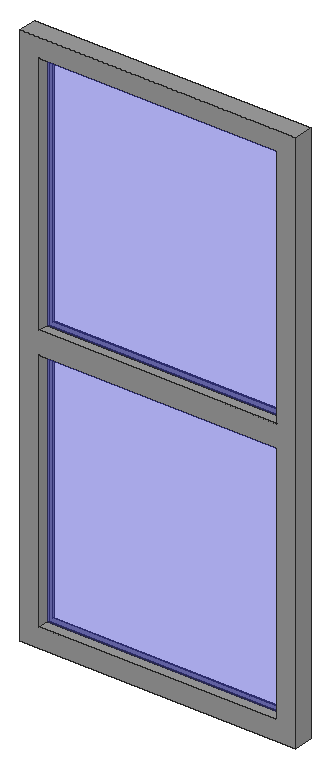
Revit family "12PL FX004_v02", category Windows, host Wall, Revit 2015
Parameters
  URL = "obe.com"
  Transom Height = 3' - 0"
  Model = "12PL FX004"
  Manufacturer = "Oldcastle BuildingEnvelope®"
  Keynote = "08 51 00"
  Fixed Height = 3' - 0"
  Wall Thickness [instance] = 0' - 6"
  Rough Width = Width + 0' 0 1/2"  # 3' - 0 1/2"
  Rough Height = Height + 0' 0 1/2"  # 6' - 0 1/2"
  Offset Limitation [instance] = if((Offset + 0' 2 1/2") > Wall Thickness, (Wall Thickness - 0' 2 1/2"), Offset)  # 0' - 0"
  Offset [instance] = 0' - 0"
  Height = Fixed Height + Transom Height  # 6' - 0"
  Glass Material = Glass
  Frame Material = Aluminum
  Description = "SIGNATURE SERIES 12PL"
  Default Sill Height = 2' - 0"
  Wall Closure = By host
  Width = 3' - 0"
  Construction Type = ""
  Assembly Code = "B2020"
Reference planes (in)
  plane 1 "Center (Front/Back)": y = 0
  plane 2: z = 0
  plane 3 "Center (Left/Right)": x = 0
  plane 4 "Left": x = -18.25
  plane 5 "Right": x = 18.25
  plane 6 "Sill": z = 24
  plane 7 "Top": z = 96.5
  plane 8 "Offset": y = 3
  plane 9: x = 18
  plane 10: x = -18
  plane 11: z = 96.25
  plane 12: z = 24.25
  plane 13 "Center": z = 60.25
  plane 14: z = 59.3125
  plane 15: z = 26
  plane 16: z = 61.1875
  plane 17: z = 94.5
Forms (in)
  Sweep 1, solid, material "Aluminum" <- "Frame Material"
    path origin (0, 3, 0) x (1, 0, 0) y (0, 0, 1)
      loop
        line (-18, 96.5) -> (-18, 24)
    profile origin (-18, 3, 60.25) x (0, -1, 0) y (1, 0, 0)
      loop
        line (2.49911, 2.25) -> (1.21875, 2.25) -> (1.21875, 1.75) -> (0.21875, 1.75) -> (0.21875, 2.25) -> (0, 2.25) -> (0, -0.25) -> (2.49911, -0.25) -> (2.49911, 2.25)
  Sweep 2, solid, material "Aluminum" <- "Frame Material"
    path origin (0, 3, 0) x (-1, 0, 0) y (0, 0, 1)
      loop
        line (-18, 96.5) -> (-18, 24)
    profile origin (18, 3, 60.25) x (0, -1, 0) y (1, 0, 0)
      loop
        line (2.49911, -2.25) -> (2.49911, 0.25) -> (0, 0.25) -> (0, -2.25) -> (0.21875, -2.25) -> (0.21875, -1.75) -> (1.21875, -1.75) -> (1.21875, -2.25) -> (2.49911, -2.25)
  Sweep 3, solid, material "Aluminum" <- "Frame Material"
    path origin (0, 3, 0) x (1, 0, 0) y (0, 0, 1)
      loop
        line (-18.25, 96.25) -> (18.25, 96.25)
    profile origin (0, 3, 96.25) x (0, 0, 1) y (0, -1, 0)
      loop
        line (0.25, 2.5) -> (-2.25, 2.5) -> (-2.25, 1.21875) -> (-1.75, 1.21875) -> (-1.75, 0.21875) -> (-2.25, 0.21875) -> (-2.25, 0) -> (0.25, 0) -> (0.25, 2.5)
  Sweep 4, solid, material "Aluminum" <- "Frame Material"
    path origin (0, 3, 120.5) x (1, 0, 0) y (0, 0, -1)
      loop
        line (-18.25, 96.25) -> (18.25, 96.25)
    profile origin (0, 3, 24.25) x (0, 0, 1) y (0, -1, 0)
      loop
        line (-0.25, 2.5) -> (-0.25, 0) -> (2.25, 0) -> (2.25, 0.21875) -> (1.75, 0.21875) -> (1.75, 1.21875) -> (2.25, 1.21875) -> (2.25, 2.5) -> (-0.25, 2.5)
  Sweep 5, solid, material "Aluminum" <- "Frame Material"
    path origin (0, 3, 0) x (1, 0, 0) y (0, 0, 1)
      loop
        line (-18.25, 60.25) -> (18.25, 60.25)
    profile origin (0, 3, 60.25) x (0, 0, 1) y (0, -1, 0)
      loop
        line (-0.9375, 0.21875) -> (-1.4375, 0.21875) -> (-1.4375, 0) -> (1.4375, 0) -> (1.4375, 0.21875) -> (0.9375, 0.21875) -> (0.9375, 1.21875) -> (1.4375, 1.21875) -> (1.4375, 2.5) -> (-1.438, 2.5) -> (-1.438, 1.21875) -> (-0.9375, 1.21875) -> (-0.9375, 0.21875)
  Extrusion 6, solid, material "Glass" <- "Glass Material", detail levels coarse
    sketch origin (0, 0, 24) x (0, -1, 0) y (1, 0, 0)
      loop
        line (-2.78125, -16.25) -> (-1.78125, -16.25) -> (-1.78125, 16.25) -> (-2.78125, 16.25) -> (-2.78125, -16.25)
    from 2 to 35.3125
  Extrusion 7, solid, material "Glass" <- "Glass Material", detail levels coarse
    sketch origin (0, 0, 66) x (0, -1, 0) y (1, 0, 0)
      loop
        line (-2.78125, -16.25) -> (-1.78125, -16.25) -> (-1.78125, 16.25) -> (-2.78125, 16.25) -> (-2.78125, -16.25)
    from -4.8125 to 28.5
  Extrusion 8, solid, material "Glass" <- "Glass Material", detail levels medium+fine
    sketch origin (0, 0, 24) x (0, -1, 0) y (1, 0, 0)
      loop
        line (-2.78125, -16.25) -> (-2.53125, -16.25) -> (-2.53125, 16.25) -> (-2.78125, 16.25) -> (-2.78125, -16.25)
      loop
        line (-2.01855, 16.25) -> (-2.01855, -16.25) -> (-1.78125, -16.25) -> (-1.78125, 16.25) -> (-2.01855, 16.25)
    from 2 to 35.3125
  Extrusion 9, solid, material "Glass" <- "Glass Material", detail levels medium+fine
    sketch origin (0, 0, 0) x (1, 0, 0) y (0, 1, 0)
      loop
        line (16.25, 2.78125) -> (-16.25, 2.78125) -> (-16.25, 2.53125) -> (16.25, 2.53125) -> (16.25, 2.78125)
      loop
        line (-16.25, 2.01855) -> (-16.25, 1.78125) -> (16.25, 1.78125) -> (16.25, 2.01855) -> (-16.25, 2.01855)
    from 61.1875 to 94.5
Cuts and joins
  joined: Sweep 1, Sweep 2, Sweep 3, Sweep 4, Sweep 5
Lines and regions (in)
  Opening 1
    outline origin (-60, -3, 0) x (1, 0, 0) y (0, 0, 1)
      loop
        line (41.75, 96.5) -> (41.75, 24) -> (78.25, 24) -> (78.25, 96.5) -> (41.75, 96.5)
Text (in)
  text "EXTERIOR" at (-58.6888, 65.90694, 0), in view "Ref. Level"
  text "INTERIOR" at (-58.6888, -67.76638, 0), in view "Ref. Level"
  text "Exterior" at (0, 43.65631, 123.19604), in view "Left"
  text "Exterior" at (0, 18.29385, 125.04747), in view "Right"
  text "Min Size\n\n14\" width x 14\" height\n\n\n\nMax Size\n\n99\" x 99\"\n\n\n\nMax Area\n\n40 square feet" at (92.63041, 65.90694, 0), in view "Ref. Level"
Dimensions and locks (in)
  equal spacing: plane 4 "Left", plane 3 "Center (Left/Right)", plane 5 "Right"
  "Rough Width": plane 4 "Left" to plane 5 "Right"
  "Rough Height": plane 6 "Sill" to plane 7 "Top"
  "Default Sill Height": plane 2 to plane 6 "Sill"
  "Offset Limitation": host wall to plane 8 "Offset"
  "Fixed Height": plane 12 to plane 13 "Center"
  "Transom Height": plane 13 "Center" to plane 11
  "Width": plane 10 to plane 9
  plane 9 to plane 5 "Right" = 0' - 0 1/4"
  locked: plane 6 "Sill" to plane 12 at 0.25
  "Wall Thickness": host wall to host wall
  plane 8 "Offset" to Extrusion 6 sketch curve to Extrusion 6 sketch curve = 0' - 0 7/32" locked, 0' - 1" locked
  plane 8 "Offset" to Extrusion 7 sketch curve to Extrusion 7 sketch curve = 0' - 0 7/32" locked, 0' - 1" locked
  locked: plane 12 to plane 15 at 1.75
  locked: plane 17 to plane 11 at 1.75
  plane 14 to plane 13 "Center" to plane 16 = 0' - 0 15/16" locked, 0' - 0 15/16" locked
  Extrusion 8 sketch curve to Extrusion 8 sketch curve to Extrusion 8 sketch curve to Extrusion 8 sketch curve to plane 8 "Offset" = 0' - 0.2373" locked, 0' - 0.5127" locked, 0' - 0 1/4" locked, 0' - 0 7/32" locked
  Extrusion 9 sketch curve to Extrusion 9 sketch curve to Extrusion 9 sketch curve to Extrusion 9 sketch curve to plane 8 "Offset" = 0' - 0.2373" locked, 0' - 0.5127" locked, 0' - 0 1/4" locked, 0' - 0 7/32" locked
  aligned and locked: plane 7 "Top" to Opening 1 sketch curve
  aligned and locked: plane 6 "Sill" to Opening 1 sketch curve  (x2)
  aligned and locked: plane 5 "Right" to Opening 1 sketch curve
  aligned and locked: plane 4 "Left" to Opening 1 sketch curve
  aligned and locked: level to plane 2
  aligned and locked: plane 10 to Sweep 1 sketch curve
  aligned and locked: Sweep 2 sketch curve to plane 9
  aligned and locked: plane 11 to Sweep 3 sketch curve
  aligned and locked: Sweep 4 sketch curve to plane 12
  aligned and locked: plane 13 "Center" to Sweep 5 sketch curve
  aligned and locked: Extrusion 6 to plane 14
  aligned and locked: plane 15 to Extrusion 6
  aligned and locked: plane 16 to Extrusion 7
  aligned and locked: Extrusion 7 to plane 17
  aligned and locked: plane 3 "Center (Left/Right)" to nested 1
  aligned and locked: plane 3 "Center (Left/Right)" to nested 2
  aligned and locked: nested 2 to plane 12
  aligned and locked: plane 8 "Offset" to nested 2
  aligned and locked: plane 15 to Extrusion 8
  aligned and locked: nested 1 to plane 12
  aligned and locked: plane 8 "Offset" to nested 1
  aligned and locked: Extrusion 9 to plane 17
  aligned and locked: plane 16 to Extrusion 9
  aligned and locked: cut or joined group of Sweep 1, Sweep 2, Sweep 3, Sweep 4, Sweep 5 to plane 16
  aligned and locked: plane 17 to cut or joined group of Sweep 1, Sweep 2, Sweep 3, Sweep 4, Sweep 5
  aligned and locked: Extrusion 8 to plane 14
Automatic sketch dimensions
  Sweep 1 sketch curve to plane 6 "Sill" = 0' - 0"
  Sweep 1 sketch curve to plane 7 "Top" = 0' - 0"
  plane 8 "Offset" to Sweep 1 sketch curve = 0' - 0"
  plane 8 "Offset" to Sweep 1 sketch curve = 0' - 0 7/32"
  Sweep 1 sketch curve to Sweep 1 sketch curve = 0' - 1"
  profile plane to Sweep 1 sketch curve = 0' - 0 1/4"
  Sweep 1 sketch curve to Sweep 1 sketch curve = 0' - 1.28036"
  Sweep 1 sketch curve to profile plane = 0' - 1 3/4"
  Sweep 1 sketch curve to Sweep 1 sketch curve = 0' - 0 1/2"  (x2)
  Sweep 2 sketch curve to plane 6 "Sill" = 0' - 0"
  Sweep 2 sketch curve to plane 7 "Top" = 0' - 0"
  plane 8 "Offset" to Sweep 2 sketch curve = 0' - 0"
  plane 8 "Offset" to Sweep 2 sketch curve = 0' - 0 7/32"
  Sweep 2 sketch curve to Sweep 2 sketch curve = 0' - 1"
  Sweep 2 sketch curve to profile plane = 0' - 0 1/4"
  Sweep 2 sketch curve to Sweep 2 sketch curve = 0' - 1.28036"
  profile plane to Sweep 2 sketch curve = 0' - 1 3/4"
  Sweep 2 sketch curve to Sweep 2 sketch curve = 0' - 0 1/2"  (x2)
  plane 4 "Left" to Sweep 3 sketch curve = 0' - 0"
  plane 5 "Right" to Sweep 3 sketch curve = 0' - 0"
  Sweep 3 sketch curve to plane 8 "Offset" = 0' - 0"
  plane 8 "Offset" to Sweep 3 sketch curve = 0' - 0 7/32"
  profile plane to Sweep 3 sketch curve = 0' - 2 1/4"  (x2)
  Sweep 3 sketch curve to Sweep 3 sketch curve = 0' - 0 1/2"
  Sweep 3 sketch curve to profile plane = 0' - 0 1/4"
  Sweep 3 sketch curve to Sweep 3 sketch curve = 0' - 1"
  Sweep 3 sketch curve to Sweep 3 sketch curve = 0' - 1 9/32"
  plane 4 "Left" to Sweep 4 sketch curve = 0' - 0"
  plane 5 "Right" to Sweep 4 sketch curve = 0' - 0"
  Sweep 4 sketch curve to plane 8 "Offset" = 0' - 0"
  profile plane to Sweep 4 sketch curve = 0' - 0 1/4"
  Sweep 4 sketch curve to profile plane = 0' - 1 3/4"
  Sweep 4 sketch curve to Sweep 4 sketch curve = 0' - 0 1/2"  (x2)
  plane 8 "Offset" to Sweep 4 sketch curve = 0' - 0 7/32"
  Sweep 4 sketch curve to Sweep 4 sketch curve = 0' - 1"
  Sweep 4 sketch curve to Sweep 4 sketch curve = 0' - 1 9/32"
  plane 4 "Left" to Sweep 5 sketch curve = 0' - 0"
  plane 5 "Right" to Sweep 5 sketch curve = 0' - 0"
  Sweep 5 sketch curve to plane 8 "Offset" = 0' - 0"
  profile plane to Sweep 5 sketch curve = 0' - 1.438"
  Sweep 5 sketch curve to Sweep 5 sketch curve = 0' - 0.0005"
  Sweep 5 sketch curve to Sweep 5 sketch curve = 0' - 0.5005"
  plane 8 "Offset" to Sweep 5 sketch curve = 0' - 0 7/32"  (x2)
  Sweep 5 sketch curve to profile plane = 0' - 0 15/16"
  Sweep 5 sketch curve to Sweep 5 sketch curve = 0' - 0 1/2"  (x2)
  Sweep 5 sketch curve to Sweep 5 sketch curve = 0' - 1"  (x2)
  Sweep 5 sketch curve to Sweep 5 sketch curve = 0' - 1 9/32"
  Extrusion 6 sketch curve to plane 10 = 0' - 1 3/4"
  plane 9 to Extrusion 6 sketch curve = 0' - 1 3/4"
  Extrusion 7 sketch curve to plane 10 = 0' - 1 3/4"
  plane 9 to Extrusion 7 sketch curve = 0' - 1 3/4"
  Extrusion 8 sketch curve to plane 10 = 0' - 1 3/4"
  Extrusion 8 sketch curve to Extrusion 8 sketch curve = 0' - 0"  (x2)
  plane 9 to Extrusion 8 sketch curve = 0' - 1 3/4"
  Extrusion 9 sketch curve to plane 10 = 0' - 1 3/4"
  Extrusion 9 sketch curve to Extrusion 9 sketch curve = 0' - 0"  (x2)
  plane 9 to Extrusion 9 sketch curve = 0' - 1 3/4"
Nested families (in)
  nested 1: "S-12PL-Plan View" at (0, 3, 0.25), Default Sill Height <- "Default Sill Height", Height <- "Height", Width <- "Width", type "S-12PL-Plan View"
    with Width 3' - 0", Height 6' - 0", Default Sill Height 2' - 0"
  nested 2: "S-12PL-Section Fixed" at (0, 3, 0.25), Default Sill Height <- "Default Sill Height", Width <- "Width", Fixed Height <- "Fixed Height", Transom Height <- "Transom Height", type "S-12PL-Section Fixed"
    with Width 3' - 0", Transom Height 3' - 0", Fixed Height 3' - 0", Default Sill Height 2' - 0"
Definition of nested family "S-12PL-Plan View"
  Parameters (values of type "S-12PL-Plan View")
    Width [instance] = 3' - 0"
    Height [instance] = 2' - 0"
    Default Sill Height [instance] = 3' - 0"
    Analytic Construction = "<None>"
  Reference planes (in)
    plane 1 "Center (Front/Back)": y = 0
    plane 2: z = 0
    plane 3 "Center (Left/Right)": x = 0
    plane 4: z = 36
  Lines and regions (in)
    model lines, not visible
      curve 1: line (0, 0, 36) -> (0, 0, 60)
  Dimensions and locks (in)
    "Default Sill Height": plane 4 to plane 2
    "Height": curve 1 to plane 4
    aligned and locked: plane 2 to level
    aligned and locked: plane 3 "Center (Left/Right)" to nested 1
    aligned and locked: plane 1 "Center (Front/Back)" to nested 1
    aligned and locked: plane 4 to curve 1
    aligned and locked: plane 1 "Center (Front/Back)" to curve 1
  Nested families (in)
    nested 1: "S-12PL-Plan View" at (-18, 0, 0), Width <- "Width", type "S-12PL-Plan View"
      with Width 3' - 0"
  Definition of nested family "S-12PL-Plan View"
    Parameters (values of type "S-12PL-Plan View")
      Width [instance] = 3' - 0"
    Reference planes (in)
      plane 1 "Center (Front/Back)": y = 0
      plane 2: z = 0
      plane 3 "Left": x = 0
      plane 4: x = 36
      plane 5: x = 1.75
      plane 6: x = 34.25
      plane 7 "Center (Left/Right)": x = 18
    Lines and regions (in)
      detail lines, in view "Ref. Level"
        curve 1: line (1.75, -0.21875, 0) -> (34.25, -0.21875, 0)
        curve 10: line (1.75, -1.21875, 0) -> (34.25, -1.21875, 0)
      detail lines, in view "Ref. Level", detail levels fine
        curve 2: line (1.75, -0.27875, 0) -> (34.25, -0.27875, 0)
        curve 3: line (1.75, -0.33875, 0) -> (34.25, -0.33875, 0)
        curve 4: line (1.75, -0.39875, 0) -> (34.25, -0.39875, 0)
        curve 7: line (1.75, -1.04145, 0) -> (34.25, -1.04145, 0)
        curve 8: line (1.75, -1.10145, 0) -> (34.25, -1.10145, 0)
        curve 9: line (1.75, -1.16145, 0) -> (34.25, -1.16145, 0)
      detail lines, in view "Ref. Level", detail levels medium+fine
        curve 5: line (1.75, -0.46875, 0) -> (34.25, -0.46875, 0)
        curve 6: line (1.75, -0.98145, 0) -> (34.25, -0.98145, 0)
    Dimensions and locks (in)
      "Width": plane 3 "Left" to plane 4
      locked: plane 3 "Left" to plane 5 at 1.75
      locked: plane 6 to plane 4 at 1.75
      equal spacing: plane 3 "Left", plane 7 "Center (Left/Right)", plane 4
      aligned and locked: nested 2 to plane 3 "Left"
      aligned and locked: nested 2 to plane 1 "Center (Front/Back)"
      aligned and locked: nested 1 to plane 4
      aligned and locked: nested 1 to plane 1 "Center (Front/Back)"
      aligned and locked: plane 5 to curve 1
      aligned and locked: plane 6 to curve 1
    Automatic sketch dimensions
      curve 10 to plane 5 = 0' - 0"
      curve 2 to plane 5 = 0' - 0"
      curve 9 to plane 5 = 0' - 0"
      curve 3 to plane 5 = 0' - 0"
      curve 8 to plane 5 = 0' - 0"
      curve 4 to plane 5 = 0' - 0"
      curve 7 to plane 5 = 0' - 0"
      curve 5 to plane 5 = 0' - 0"
      curve 6 to plane 5 = 0' - 0"
      curve 5 to plane 6 = 0' - 0"
      curve 6 to plane 6 = 0' - 0"
      curve 4 to plane 6 = 0' - 0"
      curve 7 to plane 6 = 0' - 0"
      curve 3 to plane 6 = 0' - 0"
      curve 8 to plane 6 = 0' - 0"
      curve 2 to plane 6 = 0' - 0"
      curve 9 to plane 6 = 0' - 0"
      curve 10 to plane 6 = 0' - 0"
      plane 1 "Center (Front/Back)" to curve 10 = 0' - 1 7/32"
      curve 10 to curve 9 = 0' - 0.0573"
      curve 9 to curve 8 = 0' - 0.06"
      curve 8 to curve 7 = 0' - 0.06"
      curve 7 to curve 6 = 0' - 0.06"
      curve 6 to curve 5 = 0' - 0.5127"
      curve 5 to curve 4 = 0' - 0.07"
      curve 4 to curve 3 = 0' - 0.06"
      curve 3 to curve 2 = 0' - 0.06"
      curve 2 to curve 1 = 0' - 0.06"
    Nested families (in)
      nested 1: "S-12PL-JAMB L" at (36, 0, 0) x (-1, 0, 0) z (0, 0, 1), type "S-12PL-JAMB L", in view "Ref. Level"
      nested 2: "S-12PL-JAMB R" at (0, 0, 0) x (-1, 0, 0) z (0, 0, 1), type "S-12PL-JAMB R", in view "Ref. Level"
    Definition of nested family "S-12PL-JAMB L"
      Reference planes (in)
        plane 1 "Center (Front/Back)": y = 0
        plane 2: z = 0
        plane 3 "Center (Left/Right)": x = 0
      Lines and regions (in)
        detail lines, in view "Ref. Level"
          curve 1: line (2.25, 2.49911, 0) -> (0, 2.49911, 0)
          curve 2: line (0, 2.49911, 0) -> (-0.25, 2.5, 0)
          curve 3: line (-0.25, 2.5, 0) -> (-0.25, 0, 0)
          curve 4: line (-0.25, 0, 0) -> (2.25, 0, 0)
          curve 5: line (2.25, 0, 0) -> (2.25, 0.21875, 0)
          curve 6: line (2.25, 0.21875, 0) -> (1.75, 0.21875, 0)
          curve 7: line (1.75, 0.21875, 0) -> (1.75, 1.21875, 0)
          curve 8: line (1.75, 1.21875, 0) -> (2.25, 1.21875, 0)
          curve 9: line (2.25, 1.21875, 0) -> (2.25, 2.49911, 0)
    Definition of nested family "S-12PL-JAMB R"
      Reference planes (in)
        plane 1 "Center (Front/Back)": y = 0
        plane 2: z = 0
        plane 3 "Center (Left/Right)": x = 0
      Lines and regions (in)
        detail lines, in view "Ref. Level"
          curve 1: line (-2.25, 2.49911, 0) -> (0, 2.49911, 0)
          curve 2: line (0, 2.49911, 0) -> (0.25, 2.5, 0)
          curve 3: line (0.25, 2.5, 0) -> (0.25, 0, 0)
          curve 4: line (0.25, 0, 0) -> (-2.25, 0, 0)
          curve 5: line (-2.25, 0, 0) -> (-2.25, 0.21875, 0)
          curve 6: line (-2.25, 0.21875, 0) -> (-1.75, 0.21875, 0)
          curve 7: line (-1.75, 0.21875, 0) -> (-1.75, 1.21875, 0)
          curve 8: line (-1.75, 1.21875, 0) -> (-2.25, 1.21875, 0)
          curve 9: line (-2.25, 1.21875, 0) -> (-2.25, 2.49911, 0)
Definition of nested family "S-12PL-Section Fixed"
  Parameters (values of type "S-12PL-Section Fixed")
    Transom Height [instance] = 2' - 0"
    Fixed Height [instance] = 3' - 0"
    Width [instance] = 3' - 0"
    Default Sill Height [instance] = 3' - 0"
    Analytic Construction = "<None>"
  Reference planes (in)
    plane 1 "Center (Front/Back)": y = 0
    plane 2: z = 0
    plane 3 "Center (Left/Right)": x = 0
    plane 4: z = 36
  Lines and regions (in)
    model lines, not visible
      curve 1: line (-18, 0, 0) -> (18, 0, 0)
  Dimensions and locks (in)
    "Default Sill Height": plane 4 to plane 2
    equal spacing: curve 1, plane 3 "Center (Left/Right)", curve 1
    "Width": curve 1 to curve 1
    aligned and locked: plane 2 to level
    aligned and locked: plane 4 to nested 1
    aligned and locked: nested 1 to plane 1 "Center (Front/Back)"
    aligned and locked: plane 1 "Center (Front/Back)" to curve 1
  Nested families (in)
    nested 1: "S-12PL-Section Fixed" at (0, 0, 36) x (0, -1, 0) z (1, 0, 0), Fixed Height <- "Fixed Height", Transom Height <- "Transom Height", type "S-12PL-Section Fixed"
  Definition of nested family "S-12PL-Section Fixed"
    Parameters (values of type "S-12PL-Section Fixed")
      Transom Height [instance] = 2' - 0"
      Fixed Height [instance] = 3' - 0"
    Reference planes (in)
      plane 1 "Center (Front/Back)": y = 0
      plane 2: z = 0
      plane 3 "Center (Left/Right)": x = 0
      plane 4: y = 36
      plane 5: y = 60
      plane 6: y = 36.9375
      plane 7: y = 58.25
      plane 8: y = 35.0625
      plane 9: y = 1.75
    Lines and regions (in)
      detail lines, in view "Ref. Level"
        curve 1: line (0.21875, 36.9375, 0) -> (0.21875, 58.25, 0)
        curve 6: line (0.21875, 1.75, 0) -> (0.21875, 35.0625, 0)
        curve 15: line (1.21875, 36.9375, 0) -> (1.21875, 58.25, 0)
        curve 20: line (1.21875, 1.75, 0) -> (1.21875, 35.0625, 0)
      detail lines, in view "Ref. Level", detail levels fine
        curve 2: line (0.27875, 36.9375, 0) -> (0.27875, 58.25, 0)
        curve 3: line (0.33875, 36.9375, 0) -> (0.33875, 58.25, 0)
        curve 4: line (0.39875, 36.9375, 0) -> (0.39875, 58.25, 0)
        curve 7: line (0.27875, 1.75, 0) -> (0.27875, 35.0625, 0)
        curve 8: line (0.33875, 1.75, 0) -> (0.33875, 35.0625, 0)
        curve 9: line (0.39875, 1.75, 0) -> (0.39875, 35.0625, 0)
        curve 12: line (1.04145, 36.9375, 0) -> (1.04145, 58.25, 0)
        curve 13: line (1.10145, 36.9375, 0) -> (1.10145, 58.25, 0)
        curve 14: line (1.16145, 36.9375, 0) -> (1.16145, 58.25, 0)
        curve 17: line (1.04145, 1.75, 0) -> (1.04145, 35.0625, 0)
        curve 18: line (1.10145, 1.75, 0) -> (1.10145, 35.0625, 0)
        curve 19: line (1.16145, 1.75, 0) -> (1.16145, 35.0625, 0)
      detail lines, in view "Ref. Level", detail levels medium+fine
        curve 5: line (0.46875, 36.9375, 0) -> (0.46875, 58.25, 0)
        curve 10: line (0.46875, 1.75, 0) -> (0.46875, 35.0625, 0)
        curve 11: line (0.98145, 36.9375, 0) -> (0.98145, 58.25, 0)
        curve 16: line (0.98145, 1.75, 0) -> (0.98145, 35.0625, 0)
    Dimensions and locks (in)
      "Fixed Height": plane 1 "Center (Front/Back)" to plane 4
      "Transom Height": plane 5 to plane 4
      locked: plane 5 to plane 7 at 1.75
      plane 6 to plane 4 to plane 8 = 0' - 0 15/16" locked, 0' - 0 15/16" locked
      locked: plane 1 "Center (Front/Back)" to plane 9 at 1.75
      aligned and locked: plane 1 "Center (Front/Back)" to nested 3
      aligned and locked: plane 3 "Center (Left/Right)" to nested 3
      aligned and locked: nested 1 to plane 5
      aligned and locked: plane 3 "Center (Left/Right)" to nested 1
      aligned and locked: plane 6 to curve 1
      aligned and locked: plane 7 to curve 1
      aligned and locked: plane 8 to curve 6
      aligned and locked: plane 9 to curve 6
      aligned and locked: plane 3 "Center (Left/Right)" to nested 2
      aligned and locked: nested 2 to plane 4
    Automatic sketch dimensions
      curve 7 to plane 9 = 0' - 0"
      curve 7 to plane 8 = 0' - 0"
      curve 2 to plane 7 = 0' - 0"
      curve 2 to plane 6 = 0' - 0"
      curve 8 to plane 8 = 0' - 0"
      curve 8 to plane 9 = 0' - 0"
      curve 3 to plane 7 = 0' - 0"
      curve 3 to plane 6 = 0' - 0"
      curve 9 to plane 9 = 0' - 0"
      curve 4 to plane 6 = 0' - 0"
      curve 4 to plane 7 = 0' - 0"
      curve 9 to plane 8 = 0' - 0"
      curve 5 to plane 6 = 0' - 0"
      curve 5 to plane 7 = 0' - 0"
      curve 10 to plane 9 = 0' - 0"
      curve 10 to plane 8 = 0' - 0"
      curve 16 to plane 8 = 0' - 0"
      curve 16 to plane 9 = 0' - 0"
      curve 11 to plane 7 = 0' - 0"
      curve 11 to plane 6 = 0' - 0"
      curve 17 to plane 8 = 0' - 0"
      curve 17 to plane 9 = 0' - 0"
      curve 12 to plane 7 = 0' - 0"
      curve 12 to plane 6 = 0' - 0"
      curve 18 to plane 9 = 0' - 0"
      curve 18 to plane 8 = 0' - 0"
      curve 13 to plane 6 = 0' - 0"
      curve 13 to plane 7 = 0' - 0"
      curve 19 to plane 9 = 0' - 0"
      curve 19 to plane 8 = 0' - 0"
      curve 14 to plane 6 = 0' - 0"
      curve 14 to plane 7 = 0' - 0"
      curve 15 to plane 6 = 0' - 0"
      curve 20 to plane 9 = 0' - 0"
      curve 20 to plane 8 = 0' - 0"
      curve 15 to plane 7 = 0' - 0"
      plane 3 "Center (Left/Right)" to curve 1 = 0' - 0 7/32"
      plane 3 "Center (Left/Right)" to curve 6 = 0' - 0 7/32"
      curve 6 to curve 7 = 0' - 0.06"
      curve 1 to curve 2 = 0' - 0.06"
      curve 7 to curve 8 = 0' - 0.06"
      curve 2 to curve 3 = 0' - 0.06"
      curve 8 to curve 9 = 0' - 0.06"
      curve 3 to curve 4 = 0' - 0.06"
      curve 4 to curve 5 = 0' - 0.07"
      curve 9 to curve 10 = 0' - 0.07"
      curve 10 to curve 16 = 0' - 0.5127"
      curve 5 to curve 11 = 0' - 0.5127"
      curve 16 to curve 17 = 0' - 0.06"
      curve 11 to curve 12 = 0' - 0.06"
      curve 17 to curve 18 = 0' - 0.06"
      curve 12 to curve 13 = 0' - 0.06"
      curve 18 to curve 19 = 0' - 0.06"
      curve 13 to curve 14 = 0' - 0.06"
      curve 14 to curve 15 = 0' - 0.0573"
      curve 19 to curve 20 = 0' - 0.0573"
    Nested families (in)
      nested 1: "S-12PL-HEAD" at (0, 60, 0), type "S-12PL-HEAD", in view "Ref. Level"
      nested 2: "S-12PL-HORIZ" at (0, 36, 0), type "S-12PL-HORIZ", in view "Ref. Level"
      nested 3: "S-12PL-SILL" at (0, 0, 0), type "S-12PL-SILL", in view "Ref. Level"
    Definition of nested family "S-12PL-HEAD"
      Reference planes (in)
        plane 1 "Center (Front/Back)": y = 0
        plane 2: z = 0
        plane 3 "Center (Left/Right)": x = 0
      Lines and regions (in)
        detail lines, in view "Ref. Level"
          curve 1: line (2.5, -1.3755, 0) -> (2.5, 0, 0)
          curve 2: line (2.5, 0, 0) -> (2.5, 0.25, 0)
          curve 3: line (2.5, 0.25, 0) -> (0, 0.25, 0)
          curve 4: line (0, 0.25, 0) -> (0, -2.25, 0)
          curve 5: line (0, -2.25, 0) -> (0.21875, -2.25, 0)
          curve 6: line (0.21875, -2.25, 0) -> (0.21875, -1.75, 0)
          curve 7: line (0.21875, -1.75, 0) -> (1.21875, -1.75, 0)
          curve 8: line (1.21875, -1.75, 0) -> (1.21875, -2.25, 0)
          curve 9: line (1.21875, -2.25, 0) -> (2.484, -2.25, 0)
          curve 10: line (2.484, -2.25, 0) -> (2.5, -1.3755, 0)
    Definition of nested family "S-12PL-HORIZ"
      Reference planes (in)
        plane 1 "Center (Front/Back)": y = 0
        plane 2: z = 0
        plane 3 "Center (Left/Right)": x = 0
      Lines and regions (in)
        detail lines, in view "Ref. Level"
          curve 1: line (2.484, 1.438, 0) -> (1.21875, 1.438, 0)
          curve 2: line (1.21875, 1.438, 0) -> (1.21875, 0.9375, 0)
          curve 3: line (1.21875, 0.9375, 0) -> (0.21875, 0.9375, 0)
          curve 4: line (0.21875, 0.9375, 0) -> (0.21875, 1.4375, 0)
          curve 5: line (0.21875, 1.4375, 0) -> (0, 1.4375, 0)
          curve 6: line (0, 1.4375, 0) -> (0, -1.4375, 0)
          curve 7: line (0, -1.4375, 0) -> (0.21875, -1.4375, 0)
          curve 8: line (0.21875, -1.4375, 0) -> (0.21875, -0.9375, 0)
          curve 9: line (0.21875, -0.9375, 0) -> (1.21875, -0.9375, 0)
          curve 10: line (1.21875, -0.9375, 0) -> (1.21875, -1.4375, 0)
          curve 11: line (1.21875, -1.4375, 0) -> (2.484, -1.4375, 0)
          curve 12: line (2.484, -1.4375, 0) -> (2.5, -0.563, 0)
          curve 13: line (2.5, -0.563, 0) -> (2.5, 0.5625, 0)
          curve 14: line (2.5, 0.5625, 0) -> (2.484, 1.438, 0)
    Definition of nested family "S-12PL-SILL"
      Reference planes (in)
        plane 1 "Center (Front/Back)": y = 0
        plane 2: z = 0
        plane 3 "Center (Left/Right)": x = 0
      Lines and regions (in)
        detail lines, in view "Ref. Level"
          curve 1: line (2.484, 2.25, 0) -> (2.5, 1.3755, 0)
          curve 2: line (2.5, 1.3755, 0) -> (2.5, 0, 0)
          curve 3: line (2.5, 0, 0) -> (2.5, -0.25, 0)
          curve 4: line (2.5, -0.25, 0) -> (0, -0.25, 0)
          curve 5: line (0, -0.25, 0) -> (0, 2.25, 0)
          curve 6: line (0, 2.25, 0) -> (0.21875, 2.25, 0)
          curve 7: line (0.21875, 2.25, 0) -> (0.21875, 1.75, 0)
          curve 8: line (0.21875, 1.75, 0) -> (1.21875, 1.75, 0)
          curve 9: line (1.21875, 1.75, 0) -> (1.21875, 2.25, 0)
          curve 10: line (1.21875, 2.25, 0) -> (2.484, 2.25, 0)
